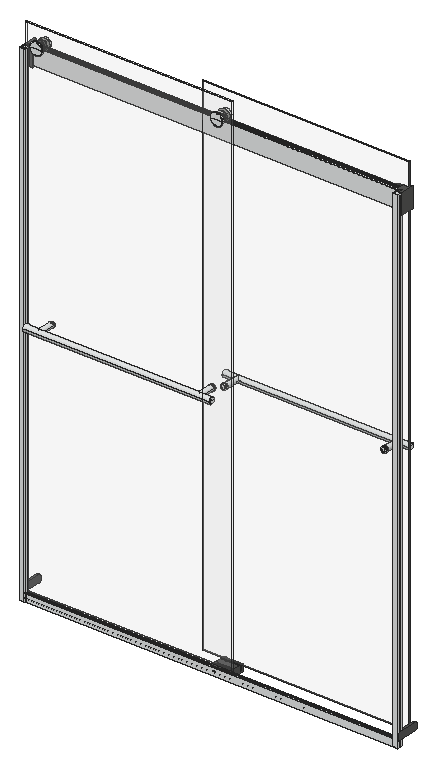
Revit family "Shower-Shower_Door-KOHLER-Levity_Plus-K-702424_1", category Specialty Equipment, host Face, Revit 2022 (continued)
Definition of nested family "K-702424"
  Automatic sketch dimensions
    plane 28 to Masking region 3 sketch curve = 0.3937"
    Masking region 3 sketch curve to Masking region 3 sketch curve = 0.27925"
    Masking region 3 sketch curve to Masking region 3 sketch curve = 0.11712"
    Masking region 3 sketch curve to plane 5 = 0.20841"
    Masking region 3 sketch curve to Masking region 3 sketch curve = 0"
    radius of curve 197 = 0.3937"
    radius of curve 44 = 0.93903"
    radius of curve 45 = 0.89273"
    radius of curve 46 = 0.93903"
    radius of curve 47 = 0.89273"
Types (5): name | Type | Model | Finish
  (no name) | 1 | "K-702424-L-SHP" | Kohler-Metal-SHP-Bright_Polished_Silver
  SHP-Bright Polished Silver | 1 | "K-702424-L-SHP" | Kohler-Metal-SHP-Bright_Polished_Silver
  BNK-Anodized Brushed Nickel | 2 | "K-702424-L-BNK" | Kohler-Metal-BNK-Anodized_Brushed_Nickel
  BL-Matte Black | 3 | "K-702424-L-BL" | Kohler-Metal-BL-Matte_Black
  2MB-Vibrant Brushed Moderne Brass | 4 | "K-702424-L-2MB" | Kohler-Metal-2MB-Vibrant_Brushed_Moderne_Brass
